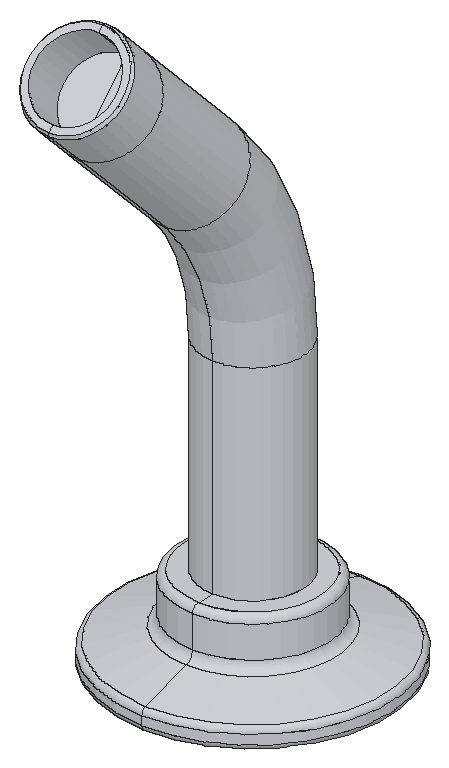
Revit family "Shower-Showerarm-KOHLER-PURIST-K-45918T", category Plumbing Fixtures, host Face, Revit 2017
Family settings
  Host = Face
  Round Connector Dimension = Use Diameter
  Part Type = Normal
  OmniClass Number = 23.31.17.00
  OmniClass Title = Showers
  Cut with Voids When Loaded = No
  Shared = No
  Room Calculation Point = No
Parameters (values of type "CP- Polished Chrome")
  Width = 56.952 mm  # constant formula
  WaterSense Certified = 1 = 0  # no
  Waste Water Outlet = "Waste Water Outlet"  # constant formula
  Waste Connection = 1 = 0  # no
  Vent Connection = 1 = 0  # no
  URL = "http://www.kohler.com.cn/"
  Type = 1
  Tempered Water Inlet = "Tempered Water Inlet"  # constant formula
  Product Page URL = "https://www.kohler.com.cn/product/K-45918T-CP/K-45918T-CP/"
  Product Name = "Purist"  # constant formula
  Product Documentation Link = "https://files.kohler.com.cn/pdfs/k_45918t.pdf"
  Pressure = 0.00 psi
  Model = "K-45918T-CP"  # constant formula
  Material = "Premium Metal Construction"  # constant formula
  Master Format 2014 Name = "Residential Showers"  # constant formula
  Master Format 2014 = "22 42 23"  # constant formula
  Manufacturer Address = "Kohler Beijing Office (100016) 36-2-03-B, No. 88, Liuxiang Road, Beijing"  # constant formula
  Manufacturer = "KOHLER Co."  # constant formula
  Length = 127.992 mm  # constant formula
  Hot Water Inlet = "Hot Water Inlet"  # constant formula
  Height = 74.513 mm  # constant formula
  HW Connection = 1 = 1  # yes
  Flow Rate = 0 GPM
  Finish = Kohler-Metal-CP-Polished_Chrome
  Environmental Product Declaration = ""
  Drain Included = 1 = 0  # no
  Description = "Luxury shower arm and decorative cover"  # constant formula
  Default Elevation = 1828.8 mm
  Declare Label = ""
  Date Modified = "09/16/2020"  # constant formula
  Date Created = "09/16/2020"  # constant formula
  Copyright = "Copyright KOHLER Co."  # constant formula
  Contact Us = "http://www.kohler.com.cn/contact/contact-us/"
  Cold Water Inlet = "Cold Water Inlet"  # constant formula
  CW Connection = 1 = 0  # no
  Assembly Code = "D2010700"
  ADA Compliant = 1 = 0  # no
Reference planes
  plane 1 "Center (Front/Back)": y = 0
  plane 2: z = 0
  plane 3 "Center (Left/Right)": x = 0
  plane 4: y = 28.513
  plane 5: y = -28.5
  plane 6: x = -28.5
  plane 7: x = 28.452
  plane 8: y = -46
  plane 9: z = 4.312
  plane 10: x = -10.312
  plane 11: x = 10.312
  plane 12: z = 127.992
  plane 13: y = 10.312
  plane 14: y = -10.312
Dimensions and locks
  "Height": plane 8 to plane 4
  "Width": plane 6 to plane 7
  plane 12 to level = 127.992 mm
  plane 7 to plane 6 = 56.952 mm
  plane 1 "Center (Front/Back)" to plane 8 = 46 mm
  "Length": level to plane 12
  aligned and locked: plane 2 to host face
  aligned and locked: level to host face
  aligned and locked: plane 3 "Center (Left/Right)" to nested 1
  aligned and locked: plane 1 "Center (Front/Back)" to nested 1
Automatic sketch dimensions
  host sketch curve to host sketch curve = 2438.4 mm  (x2)
Nested families
  nested 1: "K-45918T" at (0, 0, 0), type "K-45918T"
Connectors
  piping at (0, 0, 0), diameter 12.7, driven by "Flow Rate", driven by "HW Connection", driven by "Tempered Water Inlet"
    settings: on nested 1, index 1, connector inside diameter 24", connector length 0 mm, flow factor 0, pipe flow 0 GPM, pressure drop 0.00 psi, fitting loss kfactor 0, connector angle 0.00°, fixture units 0, engagement length 0 mm, angle of deflection 0.00°, flow configuration 0, flow direction 1, fitting loss method 0, system type 19, joint type 0, gender type 0, connector reference index -1, connector utility 1, adjustable connector no, is connector primary yes, connector description "Tempered Water Inlet"
Definition of nested family "K-45918T"
  Parameters (values of type "K-45918T")
    Material = none
  Reference planes
    plane 1 "Center (Front/Back)": y = 0
    plane 2: z = 0
    plane 3 "Center (Left/Right)": x = 0
    plane 4: x = -28.5
    plane 5: x = 28.5
    plane 6: z = 128
    plane 7: y = -46
    plane 8: y = 28.5
    plane 9: y = -28.5
    plane 10: z = 4.312
    plane 11: x = -10.312
    plane 12: x = 10.312
    plane 13: y = 10.312
    plane 14: y = -10.312
  Forms (mm)
    Revolve 1, solid, material <- "Material", detail levels medium+fine
      sketch origin (0, 0, 0) x (0, 1, 0) y (0, 0, 1)
        loop
          arc (28.5, 3.052) -> (28.241, 3.828) -> (27.566, 4.293) r 1.293
          line (27.566, 4.293) -> (17.09, 7.322)
          arc (17.09, 7.322) -> (15.937, 8.118) -> (15.493, 9.446) r 2.211
          line (15.493, 9.446) -> (15.493, 16.042)
          arc (15.493, 16.042) -> (15.059, 17.091) -> (14.009, 17.526) r 1.484
          line (14.009, 17.526) -> (0, 17.526) -> (0, 0) -> (27.384, 0)
          arc (27.384, 0) -> (28.173, 0.327) -> (28.5, 1.116) r 1.116
          line (28.5, 1.116) -> (28.5, 3.052)
        axis (0, 17.526) -> (0, 0)
      angle from 0 to 360
    Sweep 2, solid, material <- "Material", detail levels medium+fine
      path origin (0, 0, 0) x (0, 1, 0) y (0, 0, 1)
        loop
          line (-37.868, 120.347) -> (-15.523, 98.003)
          arc (-15.523, 98.003) -> (-4.034, 80.808) -> (0, 60.526) r 53
          line (0, 60.526) -> (0, 17.526)
      profile origin (0, 0, 17.526) x (1, 0, 0) y (0, 1, 0)
        loop
          circle (0, 0) r 10.312
    Revolve 3, solid, material <- "Material", detail levels medium+fine
      sketch origin (0, 0, 0) x (0, 1, 0) y (0, 0, 1)
        loop
          line (-37.868, 120.347) -> (-30.576, 127.639) -> (-37.898, 134.961) -> (-38.673, 135.098) -> (-45.646, 128.125) -> (-37.868, 120.347)
        axis (-37.868, 120.347) -> (-45.646, 128.125)
      angle from 0 to 360
    Revolve 4, void
      sketch origin (0, 0, 0) x (0, 1, 0) y (0, 0, 1)
        loop
          line (-38.514, 120.993) -> (-32.564, 126.943) -> (-45.211, 139.591) -> (-51.161, 133.641) -> (-38.514, 120.993)
        axis (-38.514, 120.993) -> (-51.161, 133.641)
      angle from 0 to 360
    Revolve 5, solid, material <- "Material", detail levels coarse
      sketch origin (0, 0, 0) x (0, 1, 0) y (0, 0, 1)
        loop
          line (28.5, 4.293) -> (15.493, 4.293) -> (15.493, 17.526) -> (0, 17.526) -> (0, 0) -> (28.5, 0) -> (28.5, 4.293)
        axis (0, 17.526) -> (0, 0)
      angle from 0 to 360
    Sweep 6, solid, material <- "Material", detail levels coarse
      path origin (0, 0, 0) x (0, 1, 0) y (0, 0, 1)
        loop
          line (-45.646, 128.125) -> (-15.523, 98.003)
          arc (-15.523, 98.003) -> (-4.034, 80.808) -> (0, 60.526) r 53
          line (0, 60.526) -> (0, 17.526)
      profile origin (0, 0, 17.526) x (1, 0, 0) y (0, 1, 0)
        loop
          circle (0, 0) r 10.312
    Extrusion 7, solid, material <- "Material", detail levels medium+fine
      sketch origin (0, 0, 0) x (1, 0, 0) y (0, 1, 0)
        loop
          circle (0, 0) r 6.35
      from 0 to 1.703
  Cuts and joins
    joined: Revolve 5, Sweep 6
    joined: Revolve 1, Sweep 2
    Revolve 4 cuts Revolve 3
  Lines and regions (mm)
    Masking region 1
      outline origin (0, 0, 0) x (0, 1, 0) y (0, 0, 1)
        loop
          arc (28.5, 3.06) -> (28.238, 3.844) -> (27.556, 4.312) r 1.303
          line (27.556, 4.312) -> (17.121, 7.305)
          arc (17.121, 7.305) -> (15.946, 8.112) -> (15.493, 9.464) r 2.247
          line (15.493, 9.464) -> (15.493, 16.046)
          arc (15.493, 16.046) -> (15.06, 17.092) -> (14.013, 17.526) r 1.48
          line (14.013, 17.526) -> (10.312, 17.526) -> (10.312, 61.217)
          arc (10.312, 61.217) -> (5.62, 84.807) -> (-7.742, 104.806) r 61.643
          line (-7.742, 104.806) -> (-37.898, 134.961) -> (-38.673, 135.098) -> (-52.619, 121.153) -> (-52.482, 120.377) -> (-22.734, 90.63)
          arc (-22.734, 90.63) -> (-13.541, 76.871) -> (-10.312, 60.641) r 42.411
          line (-10.312, 60.641) -> (-10.312, 17.526) -> (-14.011, 17.526)
          arc (-14.011, 17.526) -> (-15.059, 17.092) -> (-15.493, 16.043) r 1.483
          line (-15.493, 16.043) -> (-15.493, 9.464)
          arc (-15.493, 9.464) -> (-15.946, 8.112) -> (-17.121, 7.305) r 2.247
          line (-17.121, 7.305) -> (-27.556, 4.312)
          arc (-27.556, 4.312) -> (-28.238, 3.844) -> (-28.5, 3.06) r 1.303
          line (-28.5, 3.06) -> (-28.5, 1.124)
          arc (-28.5, 1.124) -> (-28.171, 0.329) -> (-27.376, 0) r 1.124
          line (-27.376, 0) -> (27.376, 0)
          arc (27.376, 0) -> (28.171, 0.329) -> (28.5, 1.124) r 1.124
          line (28.5, 1.124) -> (28.5, 3.06)
    Masking region 2
      outline origin (0, 0, 0) x (1, 0, 0) y (0, 0, 1)
        loop
          arc (28.5, 3.06) -> (28.238, 3.844) -> (27.556, 4.312) r 1.303
          line (27.556, 4.312) -> (17.121, 7.305)
          arc (17.121, 7.305) -> (15.946, 8.112) -> (15.493, 9.464) r 2.247
          line (15.493, 9.464) -> (15.493, 16.046)
          arc (15.493, 16.046) -> (15.06, 17.093) -> (14.013, 17.526) r 1.48
          line (14.013, 17.526) -> (10.312, 17.526) -> (10.312, 127.669)
          spline (10.312, 127.669) -> (9.961, 129.557) -> (8.931, 131.315) -> (7.292, 132.826) -> (5.156, 133.984) -> (2.669, 134.713) -> (0, 134.961) -> (-2.669, 134.713) -> (-5.156, 133.984) -> (-7.292, 132.826) -> (-8.931, 131.315) -> (-9.961, 129.557) -> (-10.312, 127.669)
          line (-10.312, 127.669) -> (-10.312, 17.526) -> (-14.011, 17.526)
          arc (-14.011, 17.526) -> (-15.059, 17.092) -> (-15.493, 16.043) r 1.483
          line (-15.493, 16.043) -> (-15.493, 9.464)
          arc (-15.493, 9.464) -> (-15.946, 8.112) -> (-17.121, 7.305) r 2.247
          line (-17.121, 7.305) -> (-27.556, 4.312)
          arc (-27.556, 4.312) -> (-28.238, 3.844) -> (-28.5, 3.06) r 1.303
          line (-28.5, 3.06) -> (-28.5, 1.124)
          arc (-28.5, 1.124) -> (-28.171, 0.329) -> (-27.376, 0) r 1.124
          line (-27.376, 0) -> (27.376, 0)
          arc (27.376, 0) -> (28.171, 0.329) -> (28.5, 1.124) r 1.124
          line (28.5, 1.124) -> (28.5, 3.06)
    Masking region 3
      outline origin (0, 0, 0) x (1, 0, 0) y (0, 1, 0)
        loop
          arc (10.313, -26.569) -> (0, 28.5) -> (-10.313, -26.569) r 28.5
          line (-10.313, -26.569) -> (-10.313, -45.19)
          spline (-10.313, -45.19) -> (-9.961, -47.077) -> (-8.931, -48.836) -> (-7.292, -50.346) -> (-5.156, -51.505) -> (-2.669, -52.234) -> (0, -52.482) -> (2.669, -52.234) -> (5.156, -51.505) -> (7.292, -50.346) -> (8.931, -48.836) -> (9.961, -47.077) -> (10.312, -45.19)
          line (10.312, -45.19) -> (10.313, -26.569)
    symbolic lines, detail levels medium+fine
      curve 1: line (0, 28.5, 1.124) -> (0, -28.5, 1.124)
      curve 2: line (0, 28.5, 3.06) -> (0, -28.5, 3.06)
      curve 3: line (0, 27.556, 4.312) -> (0, -27.556, 4.312)
      curve 4: line (0, 15.493, 9.464) -> (0, -15.493, 9.464)
      curve 5: line (0, 17.121, 7.305) -> (0, -17.121, 7.305)
      curve 6: line (0, 15.493, 16.046) -> (0, -15.493, 16.046)
      curve 7: line (0, 10.312, 17.526) -> (0, -10.312, 17.526)
      curve 8: line (0, -30.576, 127.639) -> (0, -45.16, 113.055)
      curve 9: line (0, -37.898, 134.961) -> (0, -52.482, 120.377)
      curve 10: line (28.5, 0, 1.124) -> (-28.5, 0, 1.124)
      curve 11: line (28.5, 0, 3.06) -> (-28.5, 0, 3.06)
      curve 12: line (27.556, 0, 4.312) -> (-27.556, 0, 4.312)
      curve 13: line (15.493, 0, 9.464) -> (-15.493, 0, 9.464)
      curve 14: line (17.121, 0, 7.305) -> (-17.121, 0, 7.305)
      curve 15: line (15.493, 0, 16.046) -> (-15.493, 0, 16.046)
      curve 16: line (10.312, 0, 17.526) -> (-10.312, 0, 17.526)
      curve 17: spline (-10.312, 0, 120.347) -> (-9.961, 0, 122.235) -> (-8.931, 0, 123.993) -> (-7.292, 0, 125.503) -> (-5.156, 0, 126.662) -> (-2.669, 0, 127.391) -> (0, 0, 127.639) -> (2.669, 0, 127.391) -> (5.156, 0, 126.662) -> (7.292, 0, 125.503) -> (8.931, 0, 123.993) -> (9.961, 0, 122.235) -> (10.312, 0, 120.347)
      curve 18: arc (10.312, -11.567, 0) -> (0, 15.496, 0) -> (-10.312, -11.567, 0) r 15.496
      curve 19: arc (10.312, 0, 0) -> (0, 10.312, 0) -> (-10.312, 0, 0) r 10.312
      curve 20: line (-10.312, 0, 0) -> (-10.312, -26.569, 0)
      curve 21: line (10.312, 0, 0) -> (10.312, -26.569, 0)
      curve 22: spline (10.312, -37.868, 0) -> (9.961, -35.981, 0) -> (8.931, -34.222, 0) -> (7.292, -32.712, 0) -> (5.156, -31.553, 0) -> (2.669, -30.824, 0) -> (0, -30.576, 0) -> (-2.669, -30.824, 0) -> (-5.156, -31.553, 0) -> (-7.292, -32.712, 0) -> (-8.931, -34.222, 0) -> (-9.961, -35.981, 0) -> (-10.312, -37.868, 0)
      curve 23: spline (-10.312, -45.19, 0) -> (-9.961, -43.303, 0) -> (-8.931, -41.544, 0) -> (-7.292, -40.034, 0) -> (-5.156, -38.875, 0) -> (-2.669, -38.147, 0) -> (0, -37.898, 0) -> (2.669, -38.147, 0) -> (5.156, -38.875, 0) -> (7.292, -40.034, 0) -> (8.931, -41.544, 0) -> (9.961, -43.303, 0) -> (10.312, -45.19, 0)
      curve 24: spline (-7.422, -50.237, 0) -> (-9.315, -47.934, 0) -> (-9.848, -45.297, 0) -> (-8.945, -42.711, 0) -> (-6.735, -40.553, 0) -> (-3.543, -39.139, 0) -> (0.167, -38.674, 0) -> (3.852, -39.227, 0) -> (6.975, -40.717, 0) -> (9.08, -42.927, 0) -> (9.86, -45.533, 0) -> (9.2, -48.156, 0) -> (7.198, -50.412, 0)
      curve 25: spline (0, -51.596, 0) -> (-2.178, -51.393, 0) -> (-4.207, -50.799, 0) -> (-5.95, -49.853, 0) -> (-7.287, -48.621, 0) -> (-8.128, -47.186, 0) -> (-8.414, -45.646, 0) -> (-8.128, -44.106, 0) -> (-7.287, -42.671, 0) -> (-5.95, -41.439, 0) -> (-4.207, -40.493, 0) -> (-2.178, -39.899, 0) -> (0, -39.696, 0)
      curve 26: spline (0, -39.696, 0) -> (2.178, -39.899, 0) -> (4.207, -40.493, 0) -> (5.95, -41.439, 0) -> (7.287, -42.671, 0) -> (8.128, -44.106, 0) -> (8.414, -45.646, 0) -> (8.128, -47.186, 0) -> (7.287, -48.621, 0) -> (5.95, -49.853, 0) -> (4.207, -50.799, 0) -> (2.178, -51.393, 0) -> (0, -51.596, 0)
      curve 27: spline (-6.728, -42.087, 0) -> (-5.871, -42.776, 0) -> (-4.874, -43.364, 0) -> (-3.761, -43.836, 0) -> (-2.559, -44.182, 0) -> (-1.295, -44.393, 0) -> (-0.001, -44.464, 0) -> (1.293, -44.393, 0) -> (2.556, -44.183, 0) -> (3.759, -43.837, 0) -> (4.872, -43.365, 0) -> (5.869, -42.778, 0) -> (6.727, -42.089, 0)
  Dimensions and locks
    aligned and locked: plane 2 to level
